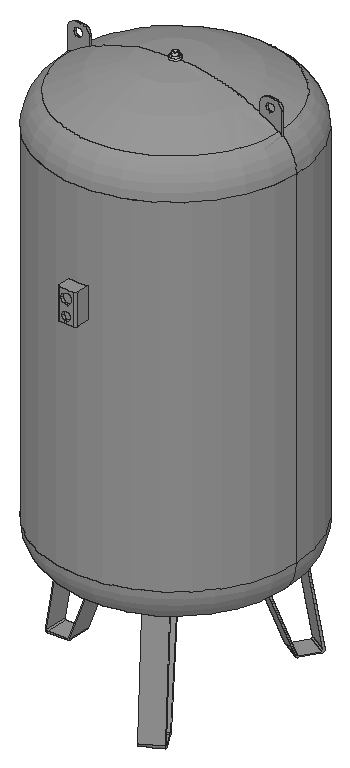
Revit family "WRV 2000", category Оборудование, Revit 2014
Parameters
  Описание = "Мембранный бак для отопления V=2000л, Py=10бар, 2\""
  Материал = Красная краска
  Масса кг = "375"
  Комментарии к типоразмеру = "WRV 2000"
  Изготовитель = "WESTER"  # constant formula
  URL = "http://www.wester.su/"
Reference planes
  plane 1 "По центру (Вперед/Назад)": y = 0
  plane 2: z = 0
  plane 3 "По центру (Влево/Вправо)": x = 0
Forms (mm)
  Revolve 1, solid, material "Красная краска" <- "Материал"
    sketch origin (161.5, 0, 805.958) x (0, 0, 1) y (-1, 0, 0)
      loop
        line (-432.958, 161.5) -> (1694.042, 161.5)
        arc (1694.042, 161.5) -> (1659.541, 406.774) -> (1557.667, 632.542) r 874.665
        arc (1557.667, 632.542) -> (1496.023, 690.465) -> (1414.094, 711.51) r 169.999
        line (1414.094, 711.51) -> (-165.755, 711.51)
        arc (-165.755, 711.51) -> (-247.639, 690.463) -> (-309.226, 632.54) r 169.813
        arc (-309.226, 632.54) -> (-386.922, 478.121) -> (-432.958, 311.5) r 880.708
        line (-432.958, 311.5) -> (-432.958, 161.5)
      axis (-432.958, 161.5) -> (1694.042, 161.5)
    angle from 0 to 360
  Revolve 2, solid, material "Красная краска" <- "Материал"
    sketch origin (0, 0, 609.559) x (-1, 0, 0) y (0, 0, -1)
      loop
        line (0, 236.559) -> (150, 236.559) -> (150, 256.512) -> (129.063, 256.512) -> (129.063, 264.574) -> (150, 264.574) -> (150, 274.559) -> (33.717, 274.559) -> (33.717, 324.559) -> (28.412, 324.559) -> (28.412, 274.516) -> (0, 274.516) -> (0, 236.559)
      axis (0, 324.559) -> (0, 236.559)
    angle from 0 to 360
  Revolve 3, solid
    sketch origin (0, 0, 1848.511) x (1, 0, 0) y (0, 0, 1)
      loop
        line (-13.204, 674.49) -> (-13.204, 663) -> (-18.475, 663) -> (-18.475, 656.503) -> (-23.985, 656.503) -> (-23.985, 651.489) -> (0, 651.489) -> (0, 653.751) -> (-7.729, 653.751) -> (-9.298, 655.32) -> (-9.298, 676.489) -> (-11.205, 676.489) -> (-13.204, 674.49)
      axis (0, 676.489) -> (0, 651.489)
    angle from 0 to 360
  Extrusion 4, solid, material "Красная краска" <- "Материал"
    sketch origin (0, -96.875, 0) x (1, 0, 0) y (0, 1, 0)
      loop
        line (42.5, -508.664) -> (42.5, -446.792) -> (-42.5, -446.792) -> (-42.5, -508.664)
        arc (-42.5, -508.664) -> (-39.571, -515.735) -> (-32.5, -518.664) r 10
        line (-32.5, -518.664) -> (32.5, -518.664)
        arc (32.5, -518.664) -> (39.571, -515.735) -> (42.5, -508.664) r 10
    from 1690 to 1828
  Extrusion 5, void
    sketch origin (0, 0, 650) x (1, 0, 0) y (0, 0, 1)
      loop
        circle (0, 1139.927) r 25
      loop
        circle (0, 1069.302) r 20
    from 605 to 615.484
  Extrusion 6, solid, material "Красная краска" <- "Материал"
    sketch origin (0, 0, 0) x (1, 0, 0) y (0, 0, 1)
      loop
        line (-283.491, 408.537) -> (-289.094, 410.684) -> (-442.65, 9.854)
        arc (-442.65, 9.854) -> (-444.853, 7.056) -> (-448.253, 6) r 6
        line (-448.253, 6) -> (-535.754, 6)
        arc (-535.754, 6) -> (-540.35, 8.143) -> (-541.667, 13.019) r 6
        line (-541.667, 13.019) -> (-459.237, 491.122) -> (-464.739, 494.523) -> (-547.58, 14.039)
        arc (-547.58, 14.039) -> (-544.932, 4.269) -> (-535.754, 0) r 12
        line (-535.754, 0) -> (-448.253, 0)
        arc (-448.253, 0) -> (-441.453, 2.113) -> (-437.047, 7.707) r 12
        line (-437.047, 7.707) -> (-283.491, 408.537)
    from -50 to 50
  Extrusion 7, solid, material "Красная краска" <- "Материал"
    sketch origin (0, 0, 0) x (1, 0, 0) y (0, 0, 1)
      loop
        line (385, 2350) -> (485, 2350) -> (485, 2450)
        arc (485, 2450) -> (473.284, 2478.284) -> (445, 2490) r 40
        line (445, 2490) -> (425, 2490)
        arc (425, 2490) -> (396.716, 2478.284) -> (385, 2450) r 40
        line (385, 2450) -> (385, 2350)
      loop
        circle (434.904, 2450) r 20
      loop
        line (-385, 2350) -> (-385, 2450)
        arc (-385, 2450) -> (-396.716, 2478.284) -> (-425, 2490) r 40
        line (-425, 2490) -> (-445, 2490)
        arc (-445, 2490) -> (-473.284, 2478.284) -> (-485, 2450) r 40
        line (-485, 2450) -> (-485, 2350) -> (-385, 2350)
      loop
        circle (-434.904, 2450) r 20
    from -3.5 to 3.5
  Extrusion 8, solid, material "Красная краска" <- "Материал"
    sketch origin (-0.007, 0.037, 0) x (-0.5, -0.866025, 0) y (0, 0, 1)
      loop
        line (-283.491, 408.537) -> (-289.094, 410.684) -> (-442.65, 9.854)
        arc (-442.65, 9.854) -> (-444.853, 7.056) -> (-448.253, 6) r 6
        line (-448.253, 6) -> (-535.754, 6)
        arc (-535.754, 6) -> (-540.35, 8.143) -> (-541.667, 13.019) r 6
        line (-541.667, 13.019) -> (-459.237, 491.122) -> (-464.739, 494.523) -> (-547.58, 14.039)
        arc (-547.58, 14.039) -> (-544.932, 4.269) -> (-535.754, 0) r 12
        line (-535.754, 0) -> (-448.253, 0)
        arc (-448.253, 0) -> (-441.453, 2.113) -> (-437.047, 7.707) r 12
        line (-437.047, 7.707) -> (-283.491, 408.537)
    from -50 to 50
  Extrusion 9, solid, material "Красная краска" <- "Материал"
    sketch origin (-0.008, 0.002, 0) x (-0.5, 0.866025, 0) y (0, 0, 1)
      loop
        line (-283.491, 408.537) -> (-289.094, 410.684) -> (-442.65, 9.854)
        arc (-442.65, 9.854) -> (-444.853, 7.056) -> (-448.253, 6) r 6
        line (-448.253, 6) -> (-535.754, 6)
        arc (-535.754, 6) -> (-540.35, 8.143) -> (-541.667, 13.019) r 6
        line (-541.667, 13.019) -> (-459.237, 491.122) -> (-464.739, 494.523) -> (-547.58, 14.039)
        arc (-547.58, 14.039) -> (-544.932, 4.269) -> (-535.754, 0) r 12
        line (-535.754, 0) -> (-448.253, 0)
        arc (-448.253, 0) -> (-441.453, 2.113) -> (-437.047, 7.707) r 12
        line (-437.047, 7.707) -> (-283.491, 408.537)
    from -50 to 50
Cuts and joins
  Extrusion 5 cuts Extrusion 4
  joined: Revolve 1, Extrusion 4, Extrusion 7
Dimensions and locks
  aligned and locked: level to plane 2
Nested families
  nested 1: "Болт" at (0, -136.109, 335) x (0, 1, 0) z (0, 0, -1), type "Болт"
  nested 2: "Болт" at (-96.296, -96.14, 335) x (-0.2588, 0.9659, 0) z (0, 0, -1), type "Болт"
  nested 3: "Болт" at (-136.094, 0, 335) x (1, 0, 0) z (0, 0, -1), type "Болт"
  nested 4: "Болт" at (96.149, 96.195, 335) x (-0.2588, 0.9659, 0) z (0, 0, -1), type "Болт"
  nested 5: "Болт" at (-96.187, 96.221, 335) x (0.2588, 0.9659, 0) z (0, 0, -1), type "Болт"
  nested 6: "Болт" at (96.287, -96.207, 335) x (0.9659, 0.2588, 0) z (0, 0, -1), type "Болт"
  nested 7: "Болт" at (136.094, 0, 335) x (-1, 0, 0) z (0, 0, -1), type "Болт"
  nested 8: "Болт" at (0, 136.109, 335) x (0, -1, 0) z (0, 0, -1), type "Болт"
Connectors
  piping at (0, 0, 285), diameter 50
    settings: on Revolve 2, index 1, connector inside diameter 609.6 mm, connector length 0 mm, flow factor 0, pipe flow 0.0 L/s, pressure drop 0.0 Pa, fitting loss kfactor 0, connector angle 0.00°, fixture units 0, engagement length 0 mm, angle of deflection 0.00°, flow configuration 1, flow direction 0, fitting loss method 0, system type 29, joint type 0, gender type 0, connector reference index -1, connector utility 0, adjustable connector no, is connector primary yes, connector description ""
Definition of nested family "Болт"
  Parameters (values of type "Болт")
    Default Elevation = 1219.2 mm
    L [instance] = 30 mm
  Reference planes
    plane 1 "По центру (Вперед/Назад)": y = 0
    plane 2: z = 0
    plane 3 "По центру (Влево/Вправо)": x = 0
    plane 4: z = -30
  Forms (mm)
    Extrusion 1, solid
      sketch origin (0, 0, 0) x (1, 0, 0) y (0, 1, 0)
        loop
          line (-1219.2, 1219.2) -> (-1219.2, -1219.2) -> (1219.2, -1219.2) -> (1219.2, 1219.2) -> (-1219.2, 1219.2)
      from 0 to -304.8
    Extrusion 2, solid, detail levels medium+fine
      sketch origin (0, 0, 0) x (0, 1, 0) y (-1, 0, 0)
        loop
          line (-6.5, -3.753) -> (0, -7.506) -> (6.5, -3.753) -> (6.5, 3.753) -> (0, 7.506) -> (-6.5, 3.753) -> (-6.5, -3.753)
      from 0 to 5.3
    Extrusion 3, solid, detail levels medium+fine
      sketch origin (0, 0, 0) x (1, 0, 0) y (0, 1, 0)
        loop
          circle (0, 0) r 4
      from -30 to 0
    Revolve 4, void
      sketch origin (0, 0, 0) x (1, 0, 0) y (0, 0, 1)
        loop
          line (-7.506, 4.447) -> (-6.413, 5.3) -> (-7.506, 5.3) -> (-7.506, 4.447)
        axis (0, 5.3) -> (0, 4.3)
      angle from 0 to 360
    Revolve 5, void
      sketch origin (0, 0, -51.56) x (1, 0, 0) y (0, 0, 1)
        loop
          line (-4, 21.56) -> (-2.365, 21.56) -> (-4, 23.195) -> (-4, 21.56)
        axis (0, 23.195) -> (0, 21.56)
      angle from 0 to 360
  Cuts and joins
    Revolve 4 cuts Extrusion 2
    Revolve 5 cuts Extrusion 3
    joined: Extrusion 2, Extrusion 3
  Dimensions and locks
    Extrusion 1 to cut or joined group of Extrusion 2, Extrusion 3, Revolve 4, Revolve 5 = 30 mm
    "L": level to plane 4
    locked: Revolve 5 sketch curve to plane 4 at 1.635
    aligned and locked: plane 2 to Extrusion 1
    aligned and locked: level to Extrusion 1
    aligned and locked: Revolve 4 sketch curve to plane 3 "По центру (Влево/Вправо)"
    aligned and locked: cut or joined group of Extrusion 2, Extrusion 3, Revolve 4, Revolve 5 to Revolve 4 sketch curve
    aligned and locked: Extrusion 3 to plane 4
    aligned and locked: cut or joined group of Extrusion 2, Extrusion 3, Revolve 4, Revolve 5 to plane 4
  Automatic sketch dimensions
    Extrusion 1 sketch curve to Extrusion 1 sketch curve = 2438.4 mm  (x2)
    plane 1 "По центру (Вперед/Назад)" to Extrusion 2 sketch curve = 0 mm  (x2)
    plane 1 "По центру (Вперед/Назад)" to Extrusion 2 sketch curve = 6.5 mm
    Extrusion 2 sketch curve to plane 1 "По центру (Вперед/Назад)" = 6.5 mm
    plane 3 "По центру (Влево/Вправо)" to Extrusion 2 sketch curve = 7.506 mm
    plane 3 "По центру (Влево/Вправо)" to Extrusion 2 sketch curve = 3.753 mm  (x2)
    Extrusion 2 sketch curve to plane 3 "По центру (Влево/Вправо)" = 3.753 mm  (x2)
    Extrusion 2 sketch curve to plane 3 "По центру (Влево/Вправо)" = 7.506 mm
    plane 1 "По центру (Вперед/Назад)" to Extrusion 3 sketch curve = 0 mm
    Extrusion 3 sketch curve to plane 3 "По центру (Влево/Вправо)" = 0 mm
    Revolve 4 sketch curve to plane 3 "По центру (Влево/Вправо)" = 6.413 mm
    Revolve 4 sketch curve to Revolve 4 sketch curve = 1.092 mm
    Revolve 4 sketch curve to Revolve 4 sketch curve = 0.853 mm
    Revolve 4 sketch curve to plane 4 = 544.04 mm
    Revolve 4 sketch curve to Revolve 4 sketch curve = 2603.758 mm
    plane 3 "По центру (Влево/Вправо)" to Revolve 5 sketch curve = 0 mm
    Revolve 5 sketch curve to plane 3 "По центру (Влево/Вправо)" = 2.365 mm
    Revolve 5 sketch curve to Revolve 5 sketch curve = 1.635 mm  (x2)
    Revolve 5 sketch curve to plane 4 = 595.6 mm
    level to Revolve 5 sketch curve = 2557.498 mm
    radius of Extrusion 3 sketch curve = 4 mm
